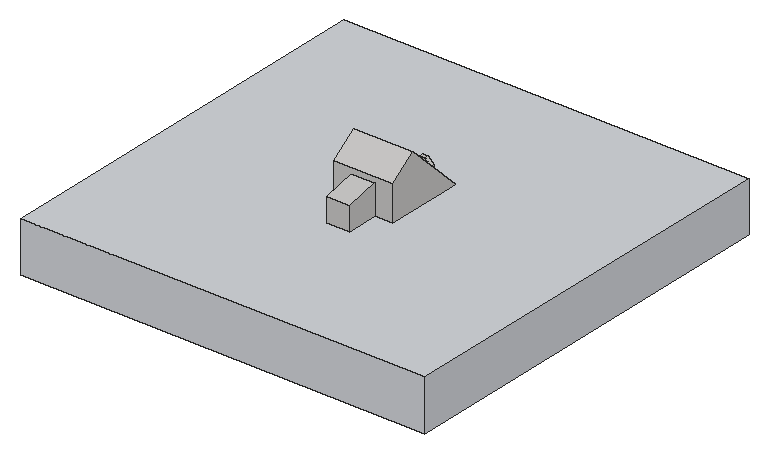
Revit family
Parameters (values of type "1702-T-1")
  Waste Connection = yes
  WFU = 0
  W - Wall Supply (Concealed) = no
  Vent Connection = no
  URL = "http://www.acorneng.com/uploads/fileLibrary/1702.pdf"
  Type Comments = ""
  Tempered Water Connection = no
  TF - Transformer, 120VAC to 24 VAC = no
  T - Top (Exposed) = yes
  SW - Wall Sleeve = no
  Revised Date = "19/06/2014"
  Phone# = "626-336-4561"
  Model = "1702-T-1"
  Material = Default
  Manufacturer = "Acorn "
  MVCFV - Time-Trol Flush Valve (N/A for Top Supply) = no
  MT - Metal Template = no
  HWFU = 0
  HW Connection = no
  FVT - Flush Valve Thru Wall Connection = no
  FVL - Flush Valve, ADA Lever Handle = no
  FVH - Flush Valve, Hydraulic (N/A for Top Supply) = no
  FVBO - Flush Valve by Others = no
  FV - Flush Valve, Mechanical (N/A for ADA) = no
  FG - 14 Gage Housing = no
  EVSPFV - Electronic Flush Valve w/ Piezo Pushbutton (N/A for Top Supply) = no
  EVSFV - Electronic Flush Valve (N/A for Top Supply) = no
  EG - Enviro-Glaze Color, Specify: = no
  Designed By = "ATS"
  Description = "Washout Urinal"
  Default Elevation = 24"
  CWFU = 0
  CW Connection = yes
  CFR - Continous Flushing Rim = no
  Assembly Code = "D2010210"
  1702 - Washout Urinal = yes
  1.5 GPF = no
  1.0 GPF = no
  1 - Off-Floor, Wall Outlet = yes
Reference planes (in)
  plane 1 "Center (Front/Back)": y = -0.25
  plane 2: z = 0
  plane 3 "Center (Left/Right)": x = 0
  plane 4: y = -10.25
  plane 5: y = 11.25
  plane 6: y = -13.75
  plane 7: x = 7.0050761
  plane 8: x = -7.0050761
  plane 9: x = -6
  plane 10: x = 6
  plane 11: y = -24.25
  plane 12: y = -5.0694896
  plane 13: y = -6.25
  plane 14: y = -7.5
  plane 15: y = 12.25
  plane 16: z = 2.375
Forms (in)
  Extrusion 1, solid
    sketch origin (0, 0, 0) x (1, 0, 0) y (0, 1, 0)
      loop
        line (-48, 48) -> (-48, -48) -> (48, -48) -> (48, 48) -> (-48, 48)
    from 0 to -12
  Extrusion 2, solid, material "Stainless Steel"
    sketch origin (-6.9949239, -5.7027421, -0.0842882) x (0, 0, -1) y (0, 1, 0)
      loop
        line (-0.1983392, 18) -> (-12.5971201, 5.4032941) -> (-8.4430164, -0.5967059) -> (-0.0842882, -0.5967059) -> (-0.0842882, 17.062) -> (-0.0842882, 17.937) -> (-0.0842882, 18) -> (-0.1983392, 18)
    from 0 to 14
  Extrusion 3, void
    sketch origin (0.0524858, -5.7027421, 0) x (0, 1, 0) y (0, 0, 1)
      loop
        line (16.2270831, 1.8591111) -> (5.7027421, 12.218089) -> (0.9595473, 8.9341352) -> (0.9595473, 0.1754861) -> (16.2270831, 0.1754861) -> (16.2270831, 1.8591111)
    from -5.6471081 to 5.4525903
  Extrusion 4, solid, material "Stainless Steel"
    sketch origin (0.0524858, -5.7027421, 0) x (0, 1, 0) y (0, 0, 1)
      loop
        line (0, 0) -> (0, 7.221008) -> (-8.0472579, 5.5105105) -> (-8.0472579, 0) -> (0, 0)
    from -2.7974097 to 2.7030896
  Extrusion 5, void
    sketch origin (0.0524858, -5.7027421, 0) x (1, 0, 0) y (0, 0, 1)
      loop
        circle (0, 5.5) r 1.5
    from -0.9155626 to 0.5
  Extrusion 6, void
    sketch origin (0, 0, 0) x (1, 0, 0) y (0, 1, 0)
      loop
        circle (-6, -5.0694896) r 0.125
      loop
        circle (6, -5.0694896) r 0.125
    from -0.017225 to 0.1754861
  Extrusion 7, void
    sketch origin (0, 16, 0) x (1, 0, 0) y (0, 1, 0)
      loop
        circle (-6, -5.0694896) r 0.125
      loop
        circle (6, -5.0694896) r 0.125
    from -0.017225 to 0.017403
  Extrusion 8, solid
    sketch origin (0, 0, 0) x (1, 0, 0) y (0, 1, 0)
      loop
        circle (0, -7.5) r 1
    from -0.1239226 to 0.1754861
  Extrusion 9, solid, material "Stainless Steel"
    sketch origin (0, -0.25, 0) x (1, 0, 0) y (0, 0, 1)
      loop
        line (-2, 0) -> (2, 0) -> (2, 4) -> (-2, 4) -> (-2, 0)
    from -12.5 to -11.5
  Extrusion 10, void
    sketch origin (0, -0.25, 0) x (1, 0, 0) y (0, 0, 1)
      loop
        line (-0.5857864, 4) -> (-2, 4) -> (-2, 2.5857864) -> (-0.5857864, 4)
      loop
        line (0.5857864, 4) -> (2, 2.5857864) -> (2, 4) -> (0.5857864, 4)
    from -12.5 to -11.5
  Extrusion 11, solid
    sketch origin (0, -0.25, 0) x (1, 0, 0) y (0, 0, 1)
      loop
        circle (0, 2.375) r 0.5
    from -12.5482355 to -12.5
Cuts and joins
  Extrusion 3, Extrusion 5, Extrusion 6, Extrusion 7, Extrusion 10 cuts Extrusion 2
  Extrusion 10 cuts Extrusion 9
  joined: Extrusion 2, Extrusion 9
Dimensions and locks (in)
  plane 4 to plane 1 "Center (Front/Back)" = 10"
  plane 5 to plane 4 = 21 1/2"
  plane 6 to plane 1 "Center (Front/Back)" = 13 1/2"
  plane 8 to plane 7 = 14.01015"
  plane 9 to plane 10 = 12"
  plane 1 "Center (Front/Back)" to plane 5 = 11 1/2"
  plane 1 "Center (Front/Back)" to plane 4 = 10"
  plane 1 "Center (Front/Back)" to plane 6 = 13 1/2"
  plane 11 to plane 1 "Center (Front/Back)" = 24"
  plane 1 "Center (Front/Back)" to plane 13 = 6"
  plane 5 to plane 14 = 18 3/4"
  plane 15 to plane 1 "Center (Front/Back)" = 12 1/2"
  aligned and locked: plane 2 to Extrusion 1
  aligned and locked: level to Extrusion 1
Connectors (in)
  piping at (0, -7.5, -0.1239226)
    settings: on Extrusion 8, index 3
  piping at (0, 12.2982355, 2.375)
    settings: on Extrusion 11, index 4
